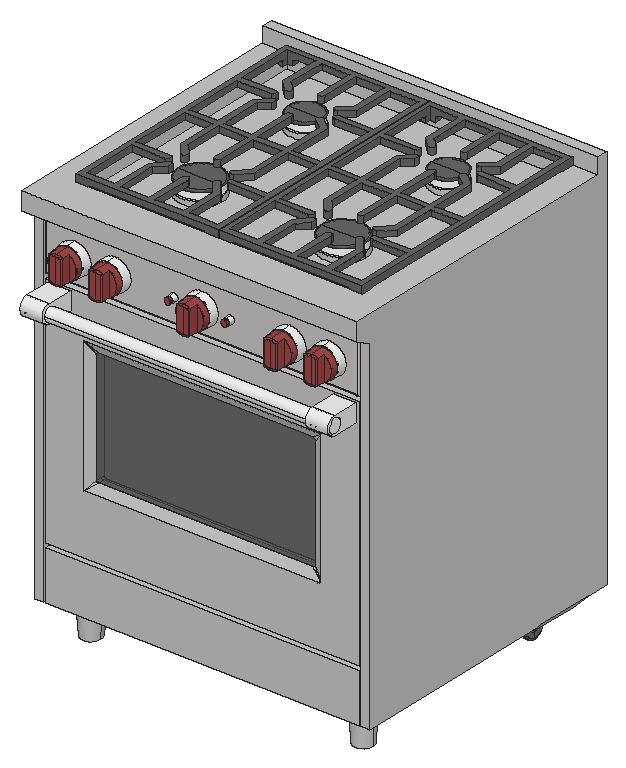
Revit family "M_Extensão-750 mm", category Equipamento especial, Revit 2019
Family settings
  Cota do conector redondo = Utilizar diâmetro
  Tipo de parte = Normal
  Número OmniClass = 23.40.40.14
  Título OmniClass = Food Service Equipment
  Com base no plano de trabalho = Não
  Sempre na vertical = Sim
  Corte com vazios quando carregada = Não
  Compartilhado = Não
  Ponto de cálculo do ambiente = Não
Parameters (values of type "Queimadores")
  Largura = 750 mm
  Deslocamento de parede = 0 mm
  Voltagem = 120 V
  Type Comments = ""
  Acabamento da moldura = Eletrodoméstico – Cromado
  Mostrar legenda = yes
  Consumo de energia = 500 VA
  Legenda = "Faixa"
  Botão = Eletrodoméstico – Plástico – Vermelho
  Altura = 950 mm
  Chapa = Eletrodoméstico – Aço inoxidável – Escovado
  Largura da grelha = (Largura - 108 mm) / 2  # 321 mm
  Profundidade da grelha = Linear - 109.4 mm  # 590.588 mm
  Vidro = Eletrodoméstico – Vidro do forno
  Descrição = "Faixa"
  Linear = 699.988 mm
  Queimador = Eletrodoméstico – Tampa do queimador
  Código de montagem = "E1090320"
  Acabamento do eletrodoméstico = Eletrodoméstico – Aço inoxidável – Semipolido
  Amperagem = Consumo de energia / Voltagem  # 4.16667 A
Reference planes
  plane 1 "Parte posterior": y = 0
  plane 2: z = 0
  plane 3 "Centro (Esquerda/Direita)": x = 0
  plane 4 "Esquerda": x = -375
  plane 5 "Direita": x = 375
  plane 6: y = 0
  plane 7 "Aresta": y = -699.988
  plane 8 "Traseira da porta": y = -615.988
  plane 9 "Superior": z = 950
  plane 10 "Unidade B.O.": z = 80
  plane 11 "Queimador": z = 915
  plane 12: z = 200
  plane 13 "Puxador": z = 706.994
  plane 14 "Botões": z = 794.725
  plane 15 "Face da porta": y = -663.988
  plane 16: y = -633.988
  plane 17: z = 58
  plane 18: z = 28
  plane 19 "Rodas": y = -120
  plane 20: z = 25.4
  plane 21: x = 319.438
  plane 22 "3": x = -322.612
  plane 23: x = 191.028
  plane 24: x = -194.202
  plane 25: x = -375
  plane 26: x = -65.792
  plane 27: x = 62.618
  plane 28: x = -286.1
  plane 29: x = -196.1
  plane 30: x = 286.1
  plane 31: x = 196.1
  plane 32: x = 101.334
  plane 33: z = 883.06
  plane 34: x = -375
  plane 35: x = 0
  plane 36: y = -953.988
  plane 37: x = 10.16
  plane 38: x = 30.48
  plane 39: x = 283.369
  plane 40 "1": x = -108.596
  plane 41: x = 127.413
  plane 42 "2": x = 105.421
  plane 43: x = -406.75
  plane 44: x = 193.675
  plane 45: x = -18.902
  plane 46: x = 15.727
  plane 47: x = 63.5
  plane 48: x = -63.5
Forms (mm)
  Extrusion 1, void
    sketch origin (0, 0, 950) x (-1, 0, 0) y (0, -1, 0)
      loop
        line (322.612, 25.4) -> (322.612, 615.988) -> (-319.438, 615.988) -> (-319.438, 25.4) -> (322.612, 25.4)
    from 0 to -66.94
  Extrusion 2, solid, material "Eletrodoméstico – Aço inoxidável – Semipolido" <- "Acabamento do eletrodoméstico"
    sketch origin (0, 0, 0) x (0, 1, 0) y (0, 0, 1)
      loop
        line (-25.4, 950) -> (-25.4, 915) -> (-699.988, 915) -> (-699.988, 875) -> (-663.988, 855) -> (-663.988, 80) -> (0, 80) -> (0, 950) -> (-25.4, 950)
    from -375 to 375
  Extrusion 3, void
    sketch origin (0, -663.988, 0) x (0, 0, 1) y (-1, 0, 0)
      loop
        line (855, 355) -> (80, 355) -> (80, -355) -> (855, -355) -> (855, 355)
    from -48 to 0
  Extrusion 4, solid, material "Eletrodoméstico – Aço inoxidável – Semipolido" <- "Acabamento do eletrodoméstico"
    sketch origin (0, 0, 0) x (0, 1, 0) y (0, 0, 1)
      loop
        line (-633.988, 190) -> (-663.988, 190) -> (-663.988, 80) -> (-633.988, 80) -> (-633.988, 190)
      loop
        line (-615.988, 855) -> (-663.988, 855) -> (-663.988, 741) -> (-615.988, 741) -> (-615.988, 855)
      loop
        line (-633.988, 731) -> (-663.988, 731) -> (-663.988, 200) -> (-633.988, 200) -> (-633.988, 731)
    from -351.783 to 351.783
  Extrusion 5, void
    sketch origin (0, -663.988, 0) x (0, 0, 1) y (-1, 0, 0)
      loop
        arc (615.994, 240.856) -> (614.599, 244.224) -> (611.231, 245.619) r 4.763
        line (611.231, 245.619) -> (359.762, 245.619)
        arc (359.762, 245.619) -> (356.395, 244.224) -> (355, 240.856) r 4.763
        line (355, 240.856) -> (355, -240.738)
        arc (355, -240.738) -> (356.395, -244.105) -> (359.762, -245.5) r 4.763
        line (359.762, -245.5) -> (611.231, -245.5)
        arc (611.231, -245.5) -> (614.599, -244.105) -> (615.994, -240.738) r 4.763
        line (615.994, -240.738) -> (615.994, 240.856)
    from -48 to -10
  Blend 6, void
    base sketch origin (0, -663.988, 0) x (0, 0, 1) y (-1, 0, 0)
      loop
        line (635.994, 265.463) -> (335, 265.463) -> (335, -265.5) -> (635.994, -265.5) -> (635.994, 265.463)
    top sketch origin (0, -663.988, 0) x (0, 0, 1) y (-1, 0, 0)
      loop
        line (615.994, -240.738) -> (615.994, 240.856)
        arc (615.994, 240.856) -> (614.599, 244.224) -> (611.231, 245.619) r 4.763
        line (611.231, 245.619) -> (359.762, 245.619)
        arc (359.762, 245.619) -> (356.395, 244.224) -> (355, 240.856) r 4.763
        line (355, 240.856) -> (355, -240.738)
        arc (355, -240.738) -> (356.395, -244.105) -> (359.762, -245.5) r 4.763
        line (359.762, -245.5) -> (611.231, -245.5)
        arc (611.231, -245.5) -> (614.599, -244.105) -> (615.994, -240.738) r 4.763
    from 0 to -10
  Extrusion 7, solid, material "Eletrodoméstico – Vidro do forno" <- "Vidro"
    sketch origin (0, -663.988, 0) x (0, 0, 1) y (-1, 0, 0)
      loop
        line (615.994, -240.738) -> (615.994, 240.856)
        arc (615.994, 240.856) -> (614.599, 244.224) -> (611.231, 245.619) r 4.763
        line (611.231, 245.619) -> (359.762, 245.619)
        arc (359.762, 245.619) -> (356.395, 244.224) -> (355, 240.856) r 4.763
        line (355, 240.856) -> (355, -240.738)
        arc (355, -240.738) -> (356.395, -244.105) -> (359.762, -245.5) r 4.763
        line (359.762, -245.5) -> (611.231, -245.5)
        arc (611.231, -245.5) -> (614.599, -244.105) -> (615.994, -240.738) r 4.763
    from -10 to -22.721
  Blend 8, solid, material "Eletrodoméstico – Aço inoxidável – Semipolido" <- "Acabamento do eletrodoméstico"
    base sketch origin (0, 0, 80) x (-1, 0, 0) y (0, -1, 0)
      loop
        line (375, 50) -> (375, 190) -> (234.988, 190) -> (234.988, 50) -> (375, 50)
    top sketch origin (0, 0, 80) x (-1, 0, 0) y (0, -1, 0)
      loop
        line (354.988, 70) -> (354.988, 170) -> (254.988, 170) -> (254.988, 70) -> (354.988, 70)
    from 0 to -22
  Blend 9, solid, material "Eletrodoméstico – Aço inoxidável – Semipolido" <- "Acabamento do eletrodoméstico"
    base sketch origin (0, 0, 80) x (1, 0, 0) y (0, 1, 0)
      loop
        line (375, -50) -> (234.988, -50) -> (234.988, -190) -> (375, -190) -> (375, -50)
    top sketch origin (0, 0, 80) x (1, 0, 0) y (0, 1, 0)
      loop
        line (354.988, -70) -> (254.988, -70) -> (254.988, -170) -> (354.988, -170) -> (354.988, -70)
    from 0 to -22
  Blend 10, solid, material "Eletrodoméstico – Aço inoxidável – Semipolido" <- "Acabamento do eletrodoméstico"
    base sketch origin (0, 0, 80) x (-1, 0, 0) y (0, -1, 0)
      loop
        circle (-304.988, 593.988) r 25
    top sketch origin (0, 0, 80) x (-1, 0, 0) y (0, -1, 0)
      loop
        circle (-305.488, 593.988) r 21.928
    from 0 to -80
  Blend 11, solid, material "Eletrodoméstico – Aço inoxidável – Semipolido" <- "Acabamento do eletrodoméstico"
    base sketch origin (0, 0, 80) x (1, 0, 0) y (0, 1, 0)
      loop
        circle (-304.988, -593.988) r 28.175
    top sketch origin (0, 0, 80) x (1, 0, 0) y (0, 1, 0)
      loop
        circle (-305.488, -593.988) r 21.928
    from 0 to -80
  Extrusion 12, solid, material "Eletrodoméstico – Aço inoxidável – Semipolido" <- "Acabamento do eletrodoméstico"
    sketch origin (0, 0, 0) x (1, 0, 0) y (0, 0, 1)
      loop
        line (-334.988, 58) -> (-314.988, 28) -> (-311.576, 28) -> (-311.576, 58) -> (-334.988, 58)
      loop
        line (-294.988, 28) -> (-274.988, 58) -> (-298.401, 58) -> (-298.401, 28) -> (-294.988, 28)
      loop
        line (334.988, 58) -> (311.576, 58) -> (311.576, 28) -> (314.988, 28) -> (334.988, 58)
      loop
        line (294.988, 28) -> (298.401, 28) -> (298.401, 58) -> (274.988, 58) -> (294.988, 28)
    from 90 to 150
  Revolve 13, solid, material "Eletrodoméstico – Borracha"
    sketch origin (0, -120, 0) x (0, 0, 1) y (-1, 0, 0)
      loop
        line (25.4, 303.163) -> (30.279, 303.163) -> (30.279, 306.338) -> (33.911, 306.338) -> (33.911, 305.545)
        arc (33.911, 305.545) -> (34.608, 303.861) -> (36.292, 303.163) r 2.381
        line (36.292, 303.163) -> (48.419, 303.163)
        arc (48.419, 303.163) -> (50.103, 303.861) -> (50.8, 305.545) r 2.381
        line (50.8, 305.545) -> (50.8, 310.782)
        arc (50.8, 310.782) -> (50.103, 312.466) -> (48.419, 313.163) r 2.381
        line (48.419, 313.163) -> (36.292, 313.163)
        arc (36.292, 313.163) -> (34.608, 312.466) -> (33.911, 310.782) r 2.381
        line (33.911, 310.782) -> (33.911, 309.988) -> (30.279, 309.988) -> (30.279, 313.163) -> (25.4, 313.163) -> (25.4, 303.163)
      loop
        line (25.4, -299.988) -> (25.4, -309.988) -> (30.279, -309.988) -> (30.279, -306.813) -> (33.911, -306.813) -> (33.911, -307.607)
        arc (33.911, -307.607) -> (34.608, -309.291) -> (36.292, -309.988) r 2.381
        line (36.292, -309.988) -> (48.419, -309.988)
        arc (48.419, -309.988) -> (50.103, -309.291) -> (50.8, -307.607) r 2.381
        line (50.8, -307.607) -> (50.8, -302.37)
        arc (50.8, -302.37) -> (50.103, -300.686) -> (48.419, -299.988) r 2.381
        line (48.419, -299.988) -> (36.292, -299.988)
        arc (36.292, -299.988) -> (34.608, -300.686) -> (33.911, -302.37) r 2.381
        line (33.911, -302.37) -> (33.911, -303.163) -> (30.279, -303.163) -> (30.279, -299.988) -> (25.4, -299.988)
      axis (25.4, 313.163) -> (25.4, -309.988)
    angle from 0 to 360
  Sweep 14, void
    path in 3D
      loop
        line (-351.783, -663.988, 855) -> (-351.783, -663.988, 741) -> (351.783, -663.988, 741) -> (351.783, -663.988, 855) -> (-351.783, -663.988, 855)
    profile "M_Redondo : 3mm" origin (0, -663.988, 855) x (0, -1, 0) y (0, 0, 1)
      loop
        line (0, 0) -> (-3, 0)
        arc (-3, 0) -> (-0.879, -0.879) -> (0, -3) r 3
        line (0, -3) -> (0, 0)
Cuts and joins
  Extrusion 1, Extrusion 3, Sweep 14 cuts Extrusion 2
  Extrusion 5, Blend 6, Sweep 14 cuts Extrusion 4
Lines and regions (mm)
  Split face 1
    outline origin (375, 0, 80) x (-1, 0, 0) y (0, 0, 1)
      loop
        circle (144.729, 120) r 12.7
  Split face 2
    outline origin (375, 0, 80) x (-1, 0, 0) y (0, 0, 1)
      loop
        circle (233.045, 120) r 12.7
  sketch lines
    curve 1: line (351.783, -663.988, 855) -> (-351.783, -663.988, 855)
    curve 2: line (351.783, -663.988, 855) -> (351.783, -663.988, 741)
    curve 3: line (351.783, -663.988, 741) -> (-351.783, -663.988, 741)
    curve 4: line (-351.783, -663.988, 741) -> (-351.783, -663.988, 855)
Dimensions and locks
  equal spacing: plane 4 "Esquerda", plane 3 "Centro (Esquerda/Direita)", plane 5 "Direita"
  "Largura": plane 4 "Esquerda" to plane 5 "Direita"
  "Linear": plane 6 to plane 7 "Aresta"
  "Deslocamento de parede": plane 1 "Parte posterior" to plane 6
  "Altura": plane 9 "Superior" to level
  locked: plane 10 "Unidade B.O." to level at 80
  locked: plane 8 "Traseira da porta" to plane 7 "Aresta" at 84
  locked: plane 9 "Superior" to plane 11 "Queimador" at 35
  plane 13 "Puxador" to level = 706.994 mm
  locked: plane 11 "Queimador" to plane 14 "Botões" at 120.275
  locked: plane 6 to Extrusion 2 sketch curve at 25.4
  plane 6 to Extrusion 1 sketch curve = 25.4 mm
  locked: Extrusion 3 sketch curve to plane 14 "Botões" at 60.275
  locked: plane 12 to plane 10 "Unidade B.O." at 120
  locked: plane 12 to Extrusion 4 sketch curve at 10
  locked: plane 16 to plane 15 "Face da porta" at 30
  locked: Extrusion 5 sketch curve to plane 25 at 129.381
  locked: plane 5 "Direita" to Extrusion 5 sketch curve at 129.5
  locked: Extrusion 5 sketch curve to plane 12 at 155
  locked: plane 13 "Puxador" to Extrusion 5 sketch curve at 91
  locked: cut or joined group of Extrusion 4, Extrusion 5, Blend 6, Sweep 14 to plane 15 "Face da porta" at 10
  locked: plane 5 "Direita" to Blend 6 sketch curve at 109.5
  locked: plane 13 "Puxador" to Blend 6 sketch curve at 71
  locked: Blend 6 sketch curve to plane 12 at 135
  locked: cut or joined group of Extrusion 4, Extrusion 5, Blend 6, Sweep 14 to plane 4 "Esquerda" at 23.217
  locked: plane 5 "Direita" to cut or joined group of Extrusion 4, Extrusion 5, Blend 6, Sweep 14 at 23.217
  locked: plane 7 "Aresta" to plane 15 "Face da porta" at 36
  locked: plane 4 "Esquerda" to Blend 8 sketch curve at 140.012
  plane 6 to Blend 8 sketch curve to Blend 8 sketch curve = 50 mm locked, 140 mm locked
  plane 4 "Esquerda" to Blend 8 sketch curve to Blend 8 sketch curve = 20.012 mm locked, 100 mm locked
  plane 6 to Blend 8 sketch curve to Blend 8 sketch curve = 70 mm locked, 100 mm locked
  locked: plane 10 "Unidade B.O." to Blend 8 at 22
  plane 5 "Direita" to Blend 9 sketch curve to Blend 9 sketch curve = 20.012 mm locked, 100 mm locked
  plane 6 to Blend 9 sketch curve to Blend 9 sketch curve = 70 mm locked, 100 mm locked
  locked: Blend 9 sketch curve to plane 5 "Direita" at 140.012
  plane 6 to Blend 9 sketch curve to Blend 9 sketch curve = 50 mm locked, 140 mm locked
  locked: plane 10 "Unidade B.O." to Blend 9 at 22
  locked: plane 4 "Esquerda" to Blend 11 sketch curve at 69.512
  locked: plane 15 "Face da porta" to Blend 11 sketch curve at 70  (x2)
  locked: plane 4 "Esquerda" to Blend 11 sketch curve at 70.012
  locked: Blend 10 sketch curve to plane 5 "Direita" at 69.512
  locked: plane 15 "Face da porta" to Blend 10 sketch curve at 70  (x2)
  locked: Blend 10 sketch curve to plane 5 "Direita" at 70.012
  plane 10 "Unidade B.O." to plane 17 to plane 18 = 22 mm locked, 30 mm locked
  Extrusion 12 sketch curve to Extrusion 12 sketch curve to Extrusion 12 sketch curve to Extrusion 12 sketch curve to Extrusion 12 sketch curve to Extrusion 12 sketch curve to plane 4 "Esquerda" = 20 mm locked, 3.413 mm locked, 13.175 mm locked, 3.412 mm locked, 20 mm locked, 40.012 mm locked
  plane 5 "Direita" to Extrusion 12 sketch curve to Extrusion 12 sketch curve to Extrusion 12 sketch curve to Extrusion 12 sketch curve to Extrusion 12 sketch curve to Extrusion 12 sketch curve = 40.012 mm locked, 20 mm locked, 3.412 mm locked, 13.175 mm locked, 3.413 mm locked, 20 mm locked
  plane 6 to Extrusion 12 to Extrusion 12 = 90 mm locked, 60 mm locked
  plane 6 to plane 19 "Rodas" = 120 mm
  locked: plane 20 to level at 25.4
  locked: plane 21 to plane 5 "Direita" at 55.562
  plane 4 "Esquerda" to plane 22 "3" = 52.388 mm
  "Largura": plane 5 "Direita" to plane 25
  Blend 6 sketch curve to plane 25 = 129.381 mm
  plane 5 "Direita" to Blend 6 sketch curve = 129.5 mm
  Blend 6 sketch curve to plane 25 = 109.537 mm
  locked: Extrusion 7 sketch curve to plane 25 at 129.381
  equal spacing: plane 22 "3", plane 24, plane 26, plane 27, plane 23, plane 21
  plane 29 to plane 28 to plane 4 "Esquerda" = 90 mm locked, 88.9 mm locked
  plane 5 "Direita" to plane 30 to plane 31 = 88.9 mm locked, 90 mm locked
  locked: plane 23 to plane 32 at 89.694
  locked: plane 9 "Superior" to plane 33 at 66.94
  Extrusion 4 sketch curve to plane 14 "Botões" to Extrusion 4 sketch curve = 53.725 mm locked, 60.275 mm locked
  locked: plane 13 "Puxador" to Extrusion 4 sketch curve at 24.006
  locked: plane 14 "Botões" to plane 13 "Puxador" at 87.731
  equal spacing: plane 4 "Esquerda", plane 34, plane 25
  equal spacing: plane 25, plane 35, plane 5 "Direita"
  locked: plane 7 "Aresta" to plane 36 at 254
  plane 22 "3" to plane 40 "1" to plane 41 to plane 21 = 214.017 mm, 236.008 mm, 192.025 mm  (x2)
  plane 28 to plane 29 = 90 mm
  locked: plane 25 to plane 43 at 31.75
  plane 39 to plane 44 = 89.694 mm
  locked: plane 45 to plane 40 "1" at 89.694
  locked: plane 42 "2" to plane 46 at 89.694
  equal spacing: plane 22 "3", plane 40 "1", plane 42 "2", plane 21
  locked: plane 34 to plane 22 "3" at 52.388
  locked: plane 3 "Centro (Esquerda/Direita)" to plane 48 at 63.5
  locked: plane 47 to plane 3 "Centro (Esquerda/Direita)" at 63.5
  aligned and locked: plane 2 to level
  aligned and locked: plane 9 "Superior" to Extrusion 2 sketch curve
  aligned and locked: plane 5 "Direita" to Extrusion 2
  aligned and locked: Extrusion 2 to plane 4 "Esquerda"
  aligned and locked: Extrusion 2 sketch curve to plane 10 "Unidade B.O."
  aligned and locked: Extrusion 2 sketch curve to plane 15 "Face da porta"
  aligned and locked: plane 7 "Aresta" to Extrusion 2 sketch curve
  aligned and locked: plane 11 "Queimador" to Extrusion 2 sketch curve
  aligned and locked: Extrusion 2 sketch curve to plane 6
  aligned and locked: Extrusion 3 sketch curve to plane 10 "Unidade B.O."
  aligned and locked: plane 8 "Traseira da porta" to Extrusion 3
  aligned and locked: plane 15 "Face da porta" to Extrusion 3
  aligned and locked: Extrusion 4 sketch curve to plane 15 "Face da porta"  (x3)
  aligned and locked: plane 10 "Unidade B.O." to Extrusion 4 sketch curve
  aligned and locked: Extrusion 4 sketch curve to plane 8 "Traseira da porta"
  aligned and locked: plane 12 to Extrusion 4 sketch curve
  aligned and locked: Extrusion 4 sketch curve to plane 16  (x2)
  aligned and locked: plane 15 "Face da porta" to nested 2
  aligned and locked: plane 8 "Traseira da porta" to Extrusion 5
  aligned and locked: plane 4 "Esquerda" to Blend 8 sketch curve
  aligned and locked: plane 5 "Direita" to Blend 9 sketch curve
  aligned and locked: Blend 10 to level
  aligned and locked: plane 10 "Unidade B.O." to Blend 10
  aligned and locked: plane 10 "Unidade B.O." to Blend 9
  aligned and locked: plane 10 "Unidade B.O." to Blend 8
  aligned and locked: plane 17 to Extrusion 12 sketch curve  (x2)
  aligned and locked: Extrusion 12 sketch curve to plane 18  (x2)
  aligned and locked: Extrusion 12 sketch curve to plane 17  (x2)
  aligned and locked: plane 18 to Extrusion 12 sketch curve  (x2)
  aligned and locked: plane 20 to Revolve 13 sketch curve  (x2)
  aligned and locked: Revolve 13 sketch curve to plane 20
  aligned and locked: plane 15 "Face da porta" to nested 3
  aligned and locked: plane 15 "Face da porta" to nested 4
  aligned and locked: plane 15 "Face da porta" to nested 5
  aligned and locked: nested 3 to plane 14 "Botões"
  aligned and locked: nested 4 to plane 14 "Botões"
  aligned and locked: nested 5 to plane 14 "Botões"
  aligned and locked: plane 15 "Face da porta" to nested 6
  aligned and locked: nested 6 to plane 14 "Botões"
  aligned and locked: plane 22 "3" to Extrusion 1 sketch curve
  aligned and locked: Extrusion 1 sketch curve to plane 21
  aligned and locked: nested 7 to plane 8 "Traseira da porta"
  aligned and locked: nested 8 to plane 14 "Botões"
  aligned and locked: plane 15 "Face da porta" to nested 8
  aligned and locked: plane 28 to nested 6
  aligned and locked: plane 29 to nested 5
  aligned and locked: plane 30 to nested 8
  aligned and locked: plane 31 to nested 3
  aligned and locked: plane 33 to nested 7
  aligned and locked: nested 2 to plane 13 "Puxador"
  aligned and locked: nested 1 to plane 36
  aligned and locked: nested 9 to plane 14 "Botões"
  aligned and locked: nested 10 to plane 14 "Botões"
  aligned and locked: plane 15 "Face da porta" to nested 9
  aligned and locked: plane 15 "Face da porta" to nested 10
  aligned and locked: nested 7 to plane 22 "3"
  aligned and locked: plane 8 "Traseira da porta" to nested 11
  aligned and locked: plane 33 to nested 11
  aligned and locked: plane 3 "Centro (Esquerda/Direita)" to nested 2
  aligned and locked: plane 47 to nested 9
  aligned and locked: plane 48 to nested 10
  aligned and locked: nested 11 to plane 21
  aligned and locked: plane 3 "Centro (Esquerda/Direita)" to nested 4
  aligned and locked: plane 3 "Centro (Esquerda/Direita)" to nested 1
Automatic sketch dimensions
  Extrusion 1 sketch curve to plane 8 "Traseira da porta" = 0 mm
  Extrusion 2 sketch curve to plane 11 "Queimador" = 60 mm
  Extrusion 2 sketch curve to Extrusion 2 sketch curve = 40 mm
  Extrusion 3 sketch curve to plane 5 "Direita" = 20 mm
  plane 4 "Esquerda" to Extrusion 3 sketch curve = 20 mm
  Extrusion 5 sketch curve to Extrusion 5 sketch curve = 4.763 mm  (x4)
  plane 12 to Blend 6 sketch curve = 155 mm
  Blend 6 sketch curve to Blend 6 sketch curve = 4.763 mm
  Blend 6 sketch curve to Blend 6 sketch curve = 4.762 mm  (x2)
  plane 13 "Puxador" to Blend 6 sketch curve = 95.763 mm  (x2)
  Blend 6 sketch curve to plane 21 = 78.7 mm
  plane 12 to Extrusion 7 sketch curve = 155 mm
  Extrusion 7 sketch curve to Extrusion 7 sketch curve = 4.763 mm  (x2)
  plane 13 "Puxador" to Extrusion 7 sketch curve = 95.763 mm  (x2)
  Extrusion 7 sketch curve to Extrusion 7 sketch curve = 4.762 mm
  Extrusion 7 sketch curve to plane 21 = 78.7 mm
  plane 21 to Blend 10 sketch curve = 10.551 mm
  plane 22 "3" to Blend 11 sketch curve = 10.551 mm
  Revolve 13 sketch curve to Revolve 13 sketch curve = 4.879 mm  (x3)
  plane 20 to Revolve 13 sketch curve = 4.879 mm
  Revolve 13 sketch curve to Revolve 13 sketch curve = 3.632 mm  (x4)
  Revolve 13 sketch curve to Revolve 13 sketch curve = 2.381 mm  (x6)
  Revolve 13 sketch curve to Revolve 13 sketch curve = 12.127 mm  (x2)
  Revolve 13 sketch curve to Revolve 13 sketch curve = 0 mm  (x4)
  Revolve 13 sketch curve to plane 21 = 9.449 mm
  Revolve 13 sketch curve to Revolve 13 sketch curve = 3.175 mm  (x4)
  Revolve 13 sketch curve to Revolve 13 sketch curve = 3.65 mm  (x2)
  Revolve 13 sketch curve to Revolve 13 sketch curve = 5.238 mm
  plane 22 "3" to Revolve 13 sketch curve = 19.449 mm
  Revolve 13 sketch curve to Revolve 13 sketch curve = 0.794 mm
  Revolve 13 sketch curve to Revolve 13 sketch curve = 40.592 mm
  Revolve 13 sketch curve to plane 22 "3" = 15.153 mm
  Split face 1 sketch curve to cut or joined group of Extrusion 1, Extrusion 2, Extrusion 3, Sweep 14 = 144.729 mm
  Split face 1 sketch curve to cut or joined group of Extrusion 1, Extrusion 2, Extrusion 3, Sweep 14 = 120 mm
  Split face 2 sketch curve to cut or joined group of Extrusion 1, Extrusion 2, Extrusion 3, Sweep 14 = 233.045 mm
  Split face 2 sketch curve to cut or joined group of Extrusion 1, Extrusion 2, Extrusion 3, Sweep 14 = 120 mm
  radius of Blend 10 sketch curve = 21.928 mm
  radius of Blend 11 sketch curve = 21.928 mm
  radius of Split face 1 sketch curve = 12.7 mm
  radius of Split face 2 sketch curve = 12.7 mm
Nested families
  nested 1: "Anotação de legenda de 2,5" at (0, -953.988, 0), visible <- "Mostrar legenda", type "Anotação de legenda de 2,5"
  nested 2: "M_Puxador" at (0, -663.988, 706.994), Largura da unidade <- "Largura", Concluir <- "Acabamento da moldura", type "M_Puxador", detail levels medium+fine
    with Largura da unidade 750 mm, Concluir Eletrodoméstico – Cromado
  nested 3: "M_Botão 1" at (196.1, -663.988, 794.725), type "M_Botão 1", detail levels medium+fine
  nested 4: "M_Botão 1" at (0, -663.988, 794.725), type "M_Botão 1", detail levels medium+fine
  nested 5: "M_Botão 1" at (-196.1, -663.988, 794.725), type "M_Botão 1", detail levels medium+fine
  nested 6: "M_Botão 1" at (-286.1, -663.988, 794.725), type "M_Botão 1", detail levels medium+fine
  nested 7: "M_Superfície do fogão" at (-161.944, -320.694, 883.06), type "M_Queimadores"
    with Largura da grelha 321 mm, Profundidade da grelha 590.588 mm
  nested 8: "M_Botão 1" at (286.1, -663.988, 794.725), type "M_Botão 1", detail levels medium+fine
  nested 9: "M_Botão 2" at (63.5, -663.988, 794.725), type "M_Botão 2", detail levels medium+fine
  nested 10: "M_Botão 2" at (-63.5, -663.988, 794.725), type "M_Botão 2", detail levels medium+fine
  nested 11: "M_Superfície do fogão" at (159.106, -320.694, 883.06), type "M_Queimadores"
    with Largura da grelha 321 mm, Profundidade da grelha 590.588 mm
Connectors
  electrical at (230.271, 0, 200), driven by "Voltagem", driven by "Consumo de energia"
    settings: on cut or joined group of Extrusion 1, Extrusion 2, Extrusion 3, Sweep 14, index 1, voltage 120 V, apparent load 500 VA, apparent load phase1 0 VA, apparent load phase2 0 VA, apparent load phase3 0 VA, power factor 1, load classification "Eletrodoméstico", number of poles 1, system type 30, power factor state 1, is connector primary yes, connector utility no, sub classification motor no, connector description "Fogão elétrico"
  piping at (141.955, 0, 200), diameter 12.7
    settings: on cut or joined group of Extrusion 1, Extrusion 2, Extrusion 3, Sweep 14, index 2, connector inside diameter 609.6 mm, connector length 0 mm, flow factor 0, pipe flow 0.0 L/s, pressure drop 0.0 Pa, fitting loss kfactor 0, connector angle 0.00°, fixture units 0, engagement length 0 mm, angle of deflection 0.00°, flow configuration 1, flow direction 1, fitting loss method 0, system type 22, joint type 0, gender type 0, connector reference index -1, connector utility 0, adjustable connector no, is connector primary yes, connector description "Fogão a gás"
Definition of nested family "M_Puxador"
  Parameters (values of type "Puxador")
    Largura da unidade [instance] = 900 mm
    Projeção do puxador = 60 mm
    Deslocamento do puxador B = 30 mm
    Deslocamento do puxador A = 30 mm
    Concluir [instance] = none
  Reference planes
    plane 1 "Centro (Frente/Trás)": y = 0
    plane 2: z = 0
    plane 3 "Centro (Esquerda/Direita)": x = 0
    plane 4 "Superfície A": x = -450
    plane 5 "Superfície B": x = 450
    plane 6 "Puxador A": x = -420
    plane 7 "Puxador B": x = 420
    plane 8: y = -60
    plane 9: x = -369.994
    plane 10: x = 369.994
    plane 11: y = -44.125
  Forms (mm)
    Extrusion 1, solid, material <- "Concluir", detail levels medium+fine
      sketch origin (-420, 0, 0) x (0, 0, 1) y (0, -1, 0)
        loop
          line (20, 0) -> (20, 60)
          arc (20, 60) -> (0, 80) -> (-20, 60) r 20
          line (-20, 60) -> (-20, 0) -> (20, 0)
        loop
          circle (0, 60) r 15.024
      from 0 to 50.006
    Extrusion 2, solid, material <- "Concluir", detail levels medium+fine
      sketch origin (420, 0, 0) x (0, 0, 1) y (0, -1, 0)
        loop
          line (-20, 0) -> (20, 0) -> (20, 60)
          arc (20, 60) -> (0, 80) -> (-20, 60) r 20
          line (-20, 60) -> (-20, 0)
        loop
          circle (0, 60) r 15.024
      from 0 to -50.006
    Extrusion 3, solid, material <- "Concluir", detail levels medium+fine
      sketch origin (0, 0, 0) x (0, 1, 0) y (0, 0, 1)
        loop
          circle (-60, 0) r 15.024
      from -420 to 420
  Cuts and joins
    joined: Extrusion 1, Extrusion 2
  Dimensions and locks
    "Largura da unidade": plane 5 "Superfície B" to plane 4 "Superfície A"
    equal spacing: plane 5 "Superfície B", plane 3 "Centro (Esquerda/Direita)", plane 4 "Superfície A"
    "Deslocamento do puxador A": plane 6 "Puxador A" to plane 4 "Superfície A"
    "Deslocamento do puxador B": plane 5 "Superfície B" to plane 7 "Puxador B"
    "Projeção do puxador": plane 1 "Centro (Frente/Trás)" to plane 8
    plane 6 "Puxador A" to plane 9 = 50.006 mm
    plane 10 to plane 7 "Puxador B" = 50.006 mm
    plane 8 to plane 11 = 15.875 mm
    aligned and locked: level to plane 2
    aligned and locked: Extrusion 1 sketch curve to plane 1 "Centro (Frente/Trás)"
    aligned and locked: Extrusion 2 sketch curve to plane 1 "Centro (Frente/Trás)"
    aligned and locked: cut or joined group of Extrusion 1, Extrusion 2 to plane 1 "Centro (Frente/Trás)"
    aligned and locked: plane 8 to Extrusion 2 sketch curve
    aligned and locked: plane 8 to Extrusion 1 sketch curve
    aligned and locked: level to Extrusion 3 sketch curve
    aligned and locked: plane 8 to Extrusion 3 sketch curve
    aligned and locked: plane 7 "Puxador B" to Extrusion 3
    aligned and locked: Extrusion 3 to plane 6 "Puxador A"
    aligned and locked: Extrusion 2 sketch curve to Extrusion 3  (x2)
    aligned and locked: Extrusion 1 sketch curve to Extrusion 3  (x2)
    aligned and locked: plane 9 to cut or joined group of Extrusion 1, Extrusion 2
    aligned and locked: cut or joined group of Extrusion 1, Extrusion 2 to plane 10
  Automatic sketch dimensions
    Extrusion 1 sketch curve to level = 20 mm
    level to Extrusion 1 sketch curve = 0 mm
    Extrusion 2 sketch curve to Extrusion 2 sketch curve = 20 mm
    Extrusion 2 sketch curve to level = 20 mm
    radius of Extrusion 3 sketch curve = 15.024 mm
Definition of nested family "M_Botão 1"
  Parameters (values of type "Botão 1")
    Material = none
    Material da moldura = none
  Reference planes
    plane 1 "Centro (Frente/Trás)": y = 0
    plane 2: z = 0
    plane 3 "Centro (Esquerda/Direita)": x = 0
    plane 4: y = -35
    plane 5: y = -55
  Forms (mm)
    Revolve 1, solid, material <- "Material"
      sketch origin (0, 0, 0) x (0, 1, 0) y (0, 0, 1)
        loop
          line (0, 35) -> (-20, 33) -> (-20, 32) -> (-52.687, 31.066)
          arc (-52.687, 31.066) -> (-54.326, 30.345) -> (-55, 28.686) r 2.381
          line (-55, 28.686) -> (-55, 0) -> (0, 0) -> (0, 35)
        axis (0, 0) -> (-55, 0)
      angle from 0 to 360
    Extrusion 2, void
      sketch origin (0, 0, 0) x (1, 0, 0) y (0, 1, 0)
        loop
          line (31.571, -35) -> (15, -35) -> (15, -52.619)
          arc (15, -52.619) -> (14.303, -54.303) -> (12.619, -55) r 2.381
          line (12.619, -55) -> (31.571, -55) -> (31.571, -35)
        loop
          line (-31.571, -35) -> (-31.571, -55) -> (-12.619, -55)
          arc (-12.619, -55) -> (-14.303, -54.303) -> (-15, -52.619) r 2.381
          line (-15, -52.619) -> (-15, -35) -> (-31.571, -35)
      from -34.753 to 36.709
  Cuts and joins
    Extrusion 2 cuts Revolve 1
  Dimensions and locks
    plane 5 to plane 4 to plane 1 "Centro (Frente/Trás)" = 20 mm locked, 35 mm locked
    aligned and locked: plane 2 to level
    aligned and locked: Revolve 1 sketch curve to level
    aligned and locked: plane 4 to Extrusion 2 sketch curve
    aligned and locked: Extrusion 2 sketch curve to plane 5
Definition of nested family "M_Superfície do fogão"
  Parameters (values of type "Queimadores")
    Mostrar grelha = yes
    Mostrar base = no
    Tem grelhador = no
    Tem chapa = no
    Extensão direita da chapa = 3 mm
    Extensão esquerda da chapa = 3 mm
    Chapa = none
    Largura da grelha = 320 mm
    Espessura da grelha = 12.5 mm
    Profundidade da grelha = 590 mm
    Grelha = none
    Queimador = none
    Tem queimadores = yes
    Mostrar queimadores = yes
  Reference planes
    plane 1 "Centro (Frente/Trás)": y = 0
    plane 2 "Inferior": z = 0
    plane 3 "Centro (Esquerda/Direita)": x = -0.169
    plane 4 "Queimador T.O.": z = 34.091
    plane 5 "Queimador posterior": y = 147.5
    plane 6 "Queimador frontal": y = -147.5
    plane 7: z = 61.94
    plane 8 "Grelha B.O.": z = 0
    plane 9 "Painel T.O.": z = 19.5
    plane 10 "Parte posterior": y = 295
    plane 11 "Parte frontal": y = -295
    plane 12 "Esquerda": x = -160.169
    plane 13 "Direita": x = 159.831
    plane 14 "Parte inferior da superfície": z = 47.709
    plane 15: x = -83.344
    plane 16: x = 70.306
    plane 17: x = 147.131
    plane 18: x = -147.469
    plane 19: y = 280.712
    plane 20: y = 153.85
    plane 21: y = 6.35
    plane 22: y = -6.35
    plane 23: y = -280.712
    plane 24: x = -70.644
    plane 25: x = 83.006
    plane 26: x = -6.916
    plane 27: x = 6.181
    plane 28: y = 141.15
    plane 29: y = -141.15
    plane 30: y = -153.85
    plane 31: x = -157.169
    plane 32: x = 156.831
  Forms (mm)
    Extrusion 1, void
      sketch origin (433.841, 349.972, -848.839) x (1, 0, 0) y (0, 0, 1)
        loop
          arc (-299.41, 876.58) -> (-301.27, 881.07) -> (-305.76, 882.93) r 6.35
          line (-305.76, 882.93) -> (-562.26, 882.93)
          arc (-562.26, 882.93) -> (-566.75, 881.07) -> (-568.61, 876.58) r 6.35
          line (-568.61, 876.58) -> (-568.61, 868.339) -> (-299.41, 868.339) -> (-299.41, 876.58)
      from 54.697 to 694.851
    Extrusion 2, void
      sketch origin (433.841, 349.972, -848.839) x (0, 1, 0) y (0, 0, 1)
        loop
          arc (-80.372, 876.58) -> (-82.232, 881.07) -> (-86.722, 882.93) r 6.35
          line (-86.722, 882.93) -> (-613.222, 882.93)
          arc (-613.222, 882.93) -> (-617.712, 881.07) -> (-619.572, 876.58) r 6.35
          line (-619.572, 876.58) -> (-619.572, 868.339) -> (-80.372, 868.339) -> (-80.372, 876.58)
      from -594.01 to -274.01
    Revolve 3, solid, material <- "Queimador", visible <- "Mostrar queimadores"
      sketch origin (1.587, 147.5, -848.839) x (1, 0, 0) y (0, 0, 1)
        loop
          line (-1.756, 848.839) -> (-1.756, 882.247) -> (-39.029, 882.247)
          arc (-39.029, 882.247) -> (-40.942, 880.334) -> (-39.029, 878.422) r 1.913
          line (-39.029, 878.422) -> (-36.225, 878.422) -> (-38.898, 862.695) -> (-40.825, 860.127) -> (-40.825, 848.839) -> (-1.756, 848.839)
        axis (-1.756, 882.247) -> (-1.756, 848.839)
      angle from 0 to 360
    Revolve 4, solid, material <- "Queimador", visible <- "Mostrar queimadores"
      sketch origin (0, -147.5, -848.839) x (1, 0, 0) y (0, 0, 1)
        loop
          line (-0.169, 848.839) -> (-0.169, 882.247) -> (-48.158, 882.247)
          arc (-48.158, 882.247) -> (-50.07, 880.334) -> (-48.158, 878.422) r 1.913
          line (-48.158, 878.422) -> (-45.353, 878.422) -> (-48.026, 862.695) -> (-49.953, 860.127) -> (-49.953, 848.839) -> (-0.169, 848.839)
        axis (-0.169, 882.247) -> (-0.169, 848.839)
      angle from 0 to 360
    Extrusion 5, solid, material <- "Grelha", visible <- "Mostrar base", detail levels medium+fine
      sketch origin (0, 0, 19.5) x (-1, 0, 0) y (0, -1, 0)
        loop
          line (160.169, -295) -> (160.169, 295) -> (-159.831, 295) -> (-159.831, -295) -> (160.169, -295)
        loop
          line (139.335, -274.166) -> (139.335, 274.166) -> (-139.194, 274.166) -> (-139.194, -274.166) -> (139.335, -274.166)
      from 0 to 28.209
    Extrusion 6, solid, material <- "Grelha", visible <- "Tem grelhador"
      sketch origin (0, 0, 0) x (1, 0, 0) y (0, 0, 1)
        loop
          line (-160.169, 47.709) -> (-149.329, 47.709) -> (-149.329, 57.45) -> (-153.819, 61.94) -> (-160.169, 61.94) -> (-160.169, 47.709)
        loop
          line (4.678, 47.709) -> (4.678, 61.94) -> (-5.016, 61.94) -> (-5.016, 47.709) -> (4.678, 47.709)
        loop
          line (-14.709, 47.709) -> (-14.709, 61.94) -> (-24.402, 61.94) -> (-24.402, 47.709) -> (-14.709, 47.709)
        loop
          line (-34.096, 47.709) -> (-34.096, 61.94) -> (-43.789, 61.94) -> (-43.789, 47.709) -> (-34.096, 47.709)
        loop
          line (-53.482, 47.709) -> (-53.482, 61.94) -> (-63.176, 61.94) -> (-63.176, 47.709) -> (-53.482, 47.709)
        loop
          line (-72.869, 47.709) -> (-72.869, 61.94) -> (-82.562, 61.94) -> (-82.562, 47.709) -> (-72.869, 47.709)
        loop
          line (-92.256, 47.709) -> (-92.256, 61.94) -> (-101.949, 61.94) -> (-101.949, 47.709) -> (-92.256, 47.709)
        loop
          line (-111.642, 47.709) -> (-111.642, 61.94) -> (-121.335, 61.94) -> (-121.335, 47.709) -> (-111.642, 47.709)
        loop
          line (-131.029, 47.709) -> (-131.029, 61.94) -> (-140.722, 61.94) -> (-140.722, 47.709) -> (-131.029, 47.709)
        loop
          line (159.831, 47.709) -> (159.831, 61.94) -> (153.481, 61.94) -> (148.991, 57.45) -> (148.991, 47.709) -> (159.831, 47.709)
        loop
          line (14.371, 47.709) -> (24.064, 47.709) -> (24.064, 61.94) -> (14.371, 61.94) -> (14.371, 47.709)
        loop
          line (33.758, 47.709) -> (43.451, 47.709) -> (43.451, 61.94) -> (33.758, 61.94) -> (33.758, 47.709)
        loop
          line (53.144, 47.709) -> (62.838, 47.709) -> (62.838, 61.94) -> (53.144, 61.94) -> (53.144, 47.709)
        loop
          line (72.531, 47.709) -> (82.224, 47.709) -> (82.224, 61.94) -> (72.531, 61.94) -> (72.531, 47.709)
        loop
          line (91.918, 47.709) -> (101.611, 47.709) -> (101.611, 61.94) -> (91.918, 61.94) -> (91.918, 47.709)
        loop
          line (111.304, 47.709) -> (120.997, 47.709) -> (120.997, 61.94) -> (111.304, 61.94) -> (111.304, 47.709)
        loop
          line (130.691, 47.709) -> (140.384, 47.709) -> (140.384, 61.94) -> (130.691, 61.94) -> (130.691, 47.709)
      from -295 to 295
    Extrusion 7, solid, material <- "Chapa", visible <- "Tem chapa"
      sketch origin (0, 0, 19.5) x (-1, 0, 0) y (0, -1, 0)
        loop
          line (160.169, -295) -> (160.169, 295) -> (-159.831, 295) -> (-159.831, -295) -> (160.169, -295)
      from 0 to 42.44
    Extrusion 8, void
      sketch origin (-0.169, 0, 0) x (0, 1, 0) y (0, 0, 1)
        loop
          line (291.825, 61.94) -> (-291.825, 61.94) -> (-291.825, 34.091) -> (-247.375, 34.091) -> (-247.375, 47.709) -> (291.825, 47.709) -> (291.825, 61.94)
      from -157 to 157
    Extrusion 9, solid, material <- "Grelha", visible <- "Mostrar grelha", detail levels fine
      sketch origin (0, 0, 19.5) x (-1, 0, 0) y (0, -1, 0)
        loop
          line (160.169, -295) -> (160.169, 295) -> (-159.831, 295) -> (-159.831, -295) -> (160.169, -295)
        loop
          line (147.469, -280.712) -> (147.469, -153.85) -> (70.644, -153.85)
          arc (70.644, -153.85) -> (64.294, -147.5) -> (70.644, -141.15) r 6.35
          line (70.644, -141.15) -> (147.469, -141.15) -> (147.469, -6.35) -> (83.344, -6.35) -> (83.344, -106.029) -> (61.166, -127.936)
          arc (61.166, -127.936) -> (51.063, -127.936) -> (51.063, -117.833) r 7.144
          line (51.063, -117.833) -> (70.644, -100.11) -> (70.644, -6.35) -> (6.916, -6.35) -> (6.916, -100.995)
          arc (6.916, -100.995) -> (0.367, -107.544) -> (-6.181, -100.995) r 6.548
          line (-6.181, -100.995) -> (-6.181, -6.35) -> (-70.306, -6.35) -> (-70.306, -100.11) -> (-47.55, -117.833)
          arc (-47.55, -117.833) -> (-47.55, -127.936) -> (-57.653, -127.936) r 7.144
          line (-57.653, -127.936) -> (-83.006, -106.029) -> (-83.006, -6.35) -> (-147.327, -6.35) -> (-147.327, -141.15) -> (-70.306, -141.15)
          arc (-70.306, -141.15) -> (-63.956, -147.5) -> (-70.306, -153.85) r 6.35
          line (-70.306, -153.85) -> (-147.327, -153.85) -> (-147.327, -280.712) -> (-83.006, -280.712) -> (-83.006, -188.971) -> (-57.653, -167.064)
          arc (-57.653, -167.064) -> (-47.55, -167.064) -> (-47.55, -177.167) r 7.144
          line (-47.55, -177.167) -> (-70.306, -194.89) -> (-70.306, -280.712) -> (-6.181, -280.712) -> (-6.181, -194.005)
          arc (-6.181, -194.005) -> (0.367, -187.456) -> (6.916, -194.005) r 6.548
          line (6.916, -194.005) -> (6.916, -280.712) -> (70.644, -280.712) -> (70.644, -194.89) -> (51.063, -177.167)
          arc (51.063, -177.167) -> (51.063, -167.064) -> (61.166, -167.064) r 7.144
          line (61.166, -167.064) -> (83.344, -188.971) -> (83.344, -280.712) -> (147.469, -280.712)
        loop
          line (147.469, 280.909) -> (83.344, 280.909) -> (83.344, 187.698) -> (61.166, 160.757)
          arc (61.166, 160.757) -> (51.063, 160.757) -> (51.063, 170.86) r 7.144
          line (51.063, 170.86) -> (70.644, 193.616) -> (70.644, 280.909) -> (6.916, 280.909) -> (6.916, 187.698)
          arc (6.916, 187.698) -> (0.367, 181.149) -> (-6.181, 187.698) r 6.548
          line (-6.181, 187.698) -> (-6.181, 280.909) -> (-70.306, 280.909) -> (-70.306, 199.652) -> (-47.55, 170.86)
          arc (-47.55, 170.86) -> (-47.55, 160.757) -> (-57.653, 160.757) r 7.144
          line (-57.653, 160.757) -> (-83.006, 193.734) -> (-83.006, 280.909) -> (-147.327, 280.909) -> (-147.327, 153.85) -> (-70.306, 153.85)
          arc (-70.306, 153.85) -> (-63.956, 147.5) -> (-70.306, 141.15) r 6.35
          line (-70.306, 141.15) -> (-147.327, 141.15) -> (-147.327, 6.35) -> (-83.006, 6.35) -> (-83.006, 97.576) -> (-57.653, 124.516)
          arc (-57.653, 124.516) -> (-47.55, 124.516) -> (-47.55, 114.414) r 7.144
          line (-47.55, 114.414) -> (-70.306, 91.658) -> (-70.306, 6.35) -> (-6.181, 6.35) -> (-6.181, 96.829)
          arc (-6.181, 96.829) -> (0.367, 103.378) -> (6.916, 96.829) r 6.548
          line (6.916, 96.829) -> (6.916, 6.35) -> (70.644, 6.35) -> (70.644, 91.658) -> (51.063, 114.414)
          arc (51.063, 114.414) -> (51.063, 124.516) -> (61.166, 124.516) r 7.144
          line (61.166, 124.516) -> (83.344, 97.576) -> (83.344, 6.35) -> (147.469, 6.35) -> (147.469, 141.15) -> (70.644, 141.15)
          arc (70.644, 141.15) -> (64.294, 147.5) -> (70.644, 153.85) r 6.35
          line (70.644, 153.85) -> (147.469, 153.85) -> (147.469, 280.909)
      from 0 to 28.209
  Cuts and joins
    Extrusion 1, Extrusion 2, Extrusion 8 cuts Extrusion 5
    Extrusion 8 cuts Extrusion 7
    Extrusion 1, Extrusion 2 cuts Extrusion 9
  Dimensions and locks
    equal spacing: plane 10 "Parte posterior", plane 5 "Queimador posterior", plane 1 "Centro (Frente/Trás)", plane 6 "Queimador frontal", plane 11 "Parte frontal"
    "Profundidade da grelha": plane 10 "Parte posterior" to plane 11 "Parte frontal"
    equal spacing: plane 12 "Esquerda", plane 3 "Centro (Esquerda/Direita)", plane 13 "Direita"
    "Largura da grelha": plane 12 "Esquerda" to plane 13 "Direita"
    locked: plane 7 to plane 14 "Parte inferior da superfície" at 14.231
    locked: Extrusion 5 sketch curve to plane 11 "Parte frontal" at 20.834
    locked: plane 10 "Parte posterior" to Extrusion 5 sketch curve at 20.834
    locked: Extrusion 5 sketch curve to plane 13 "Direita" at 20.637
    locked: plane 12 "Esquerda" to Extrusion 5 sketch curve at 20.834
    locked: plane 12 "Esquerda" to Extrusion 6 sketch curve at 19.447
    locked: Extrusion 6 sketch curve to plane 13 "Direita" at 19.447
    equal spacing: Extrusion 6 sketch curve, Extrusion 6 sketch curve, Extrusion 6 sketch curve, Extrusion 6 sketch curve, Extrusion 6 sketch curve, Extrusion 6 sketch curve, Extrusion 6 sketch curve, Extrusion 6 sketch curve, Extrusion 6 sketch curve, Extrusion 6 sketch curve, Extrusion 6 sketch curve, Extrusion 6 sketch curve, Extrusion 6 sketch curve, Extrusion 6 sketch curve, Extrusion 6 sketch curve, Extrusion 6 sketch curve, Extrusion 6 sketch curve, Extrusion 6 sketch curve, Extrusion 6 sketch curve, Extrusion 6 sketch curve, Extrusion 6 sketch curve, Extrusion 6 sketch curve, Extrusion 6 sketch curve, Extrusion 6 sketch curve, Extrusion 6 sketch curve, Extrusion 6 sketch curve, Extrusion 6 sketch curve, Extrusion 6 sketch curve, Extrusion 6 sketch curve, Extrusion 6 sketch curve
    locked: plane 10 "Parte posterior" to Extrusion 8 sketch curve at 3.175
    locked: Extrusion 8 sketch curve to plane 11 "Parte frontal" at 3.175
    plane 12 "Esquerda" to cut or joined group of Extrusion 7, Extrusion 8 = 3 mm
    cut or joined group of Extrusion 7, Extrusion 8 to plane 13 "Direita" = 3 mm
    locked: plane 15 to plane 24 at 12.7
    locked: plane 16 to plane 25 at 12.7
    plane 26 to plane 27 = 13.097 mm  (x2)
    plane 29 to plane 6 "Queimador frontal" to plane 30 = 6.35 mm locked, 6.35 mm locked
    plane 21 to plane 1 "Centro (Frente/Trás)" to plane 22 = 6.35 mm locked, 6.35 mm locked
    plane 20 to plane 5 "Queimador posterior" to plane 28 = 6.35 mm locked, 6.35 mm locked
    locked: plane 12 "Esquerda" to Extrusion 1 sketch curve at 25.4
    locked: Extrusion 1 sketch curve to plane 13 "Direita" at 25.4
    locked: plane 10 "Parte posterior" to Extrusion 2 sketch curve at 25.4
    locked: Extrusion 2 sketch curve to plane 11 "Parte frontal" at 25.4
    "Extensão esquerda da chapa": plane 12 "Esquerda" to plane 31
    "Extensão direita da chapa": plane 32 to plane 13 "Direita"
    locked: plane 17 to plane 13 "Direita" at 12.7
    locked: plane 12 "Esquerda" to plane 18 at 12.7
    equal spacing: plane 18, plane 24, plane 27, plane 25, plane 13 "Direita"
    locked: plane 10 "Parte posterior" to plane 19 at 14.288
    locked: plane 23 to plane 11 "Parte frontal" at 14.288
    locked: cut or joined group of Extrusion 7, Extrusion 8 to plane 11 "Parte frontal" at 47.625
    plane 12 "Esquerda" to plane 3 "Centro (Esquerda/Direita)" = 160 mm
    plane 3 "Centro (Esquerda/Direita)" to plane 13 "Direita" = 160 mm
    aligned and locked: Revolve 4 to plane 8 "Grelha B.O."
    aligned and locked: Revolve 3 to plane 8 "Grelha B.O."
    aligned and locked: Revolve 4 sketch curve to plane 3 "Centro (Esquerda/Direita)"
    aligned and locked: Revolve 3 sketch curve to plane 3 "Centro (Esquerda/Direita)"
    aligned and locked: plane 9 "Painel T.O." to Extrusion 2 sketch curve
    aligned and locked: Extrusion 1 sketch curve to plane 9 "Painel T.O."
    aligned and locked: Extrusion 5 sketch curve to plane 10 "Parte posterior"
    aligned and locked: plane 13 "Direita" to Extrusion 5 sketch curve
    aligned and locked: plane 11 "Parte frontal" to Extrusion 5 sketch curve
    aligned and locked: Extrusion 5 sketch curve to plane 12 "Esquerda"
    aligned and locked: Extrusion 5 to plane 9 "Painel T.O."
    aligned and locked: cut or joined group of Extrusion 1, Extrusion 2, Extrusion 5, Extrusion 8 to plane 13 "Direita"
    aligned and locked: plane 12 "Esquerda" to cut or joined group of Extrusion 1, Extrusion 2, Extrusion 5, Extrusion 8
    aligned and locked: Extrusion 1 sketch curve to plane 4 "Queimador T.O."
    aligned and locked: plane 4 "Queimador T.O." to Extrusion 2 sketch curve
    aligned and locked: Extrusion 6 sketch curve to plane 7  (x9)
    aligned and locked: plane 7 to Extrusion 6 sketch curve  (x8)
    aligned and locked: Extrusion 6 sketch curve to plane 14 "Parte inferior da superfície"  (x8)
    aligned and locked: plane 14 "Parte inferior da superfície" to Extrusion 6 sketch curve  (x9)
    aligned and locked: Extrusion 6 sketch curve to plane 12 "Esquerda"
    aligned and locked: Extrusion 6 sketch curve to plane 13 "Direita"
    aligned and locked: plane 10 "Parte posterior" to Extrusion 6
    aligned and locked: Extrusion 7 sketch curve to plane 10 "Parte posterior"
    aligned and locked: Extrusion 7 sketch curve to plane 12 "Esquerda"
    aligned and locked: plane 13 "Direita" to Extrusion 7 sketch curve
    aligned and locked: plane 11 "Parte frontal" to Extrusion 7 sketch curve
    aligned and locked: plane 7 to Extrusion 7
    aligned and locked: Extrusion 8 sketch curve to plane 14 "Parte inferior da superfície"
    aligned and locked: plane 7 to Extrusion 8 sketch curve
    aligned and locked: Extrusion 8 sketch curve to plane 4 "Queimador T.O."
    aligned and locked: cut or joined group of Extrusion 7, Extrusion 8 to plane 9 "Painel T.O."
    aligned and locked: plane 18 to Extrusion 9 sketch curve  (x2)
    aligned and locked: Extrusion 9 sketch curve to plane 19  (x4)
    aligned and locked: plane 13 "Direita" to Extrusion 9 sketch curve
    aligned and locked: Extrusion 9 sketch curve to plane 20
    aligned and locked: plane 20 to Extrusion 9 sketch curve
    aligned and locked: Extrusion 9 sketch curve to plane 28
    aligned and locked: plane 28 to Extrusion 9 sketch curve
    aligned and locked: Extrusion 9 sketch curve to plane 29
    aligned and locked: plane 30 to Extrusion 9 sketch curve
    aligned and locked: plane 29 to Extrusion 9 sketch curve
    aligned and locked: Extrusion 9 sketch curve to plane 30
    aligned and locked: Extrusion 9 to plane 9 "Painel T.O."
    aligned and locked: plane 14 "Parte inferior da superfície" to Extrusion 9
    aligned and locked: plane 32 to Extrusion 8
    aligned and locked: Extrusion 8 to plane 31
    aligned and locked: Extrusion 6 to plane 11 "Parte frontal"
  Automatic sketch dimensions
    Extrusion 2 sketch curve to Extrusion 2 sketch curve = 6.35 mm  (x2)
    Revolve 3 sketch curve to plane 2 "Inferior" = 0 mm
    Revolve 3 sketch curve to plane 3 "Centro (Esquerda/Direita)" = 0 mm
    Revolve 3 sketch curve to plane 4 "Queimador T.O." = 4.508 mm
    Revolve 3 sketch curve to plane 3 "Centro (Esquerda/Direita)" = 34.468 mm
    Revolve 3 sketch curve to plane 9 "Painel T.O." = 5.645 mm
    Revolve 3 sketch curve to Revolve 3 sketch curve = 2.673 mm
    Revolve 3 sketch curve to Revolve 3 sketch curve = 2.804 mm
    Revolve 3 sketch curve to plane 9 "Painel T.O." = 8.213 mm
    Revolve 3 sketch curve to Revolve 3 sketch curve = 1.927 mm
    Revolve 3 sketch curve to Revolve 3 sketch curve = 1.913 mm
    Revolve 3 sketch curve to Revolve 3 sketch curve = 5420.839 mm
    plane 7 to Revolve 3 sketch curve = 3642.171 mm
    Revolve 4 sketch curve to plane 2 "Inferior" = 0 mm
    Revolve 4 sketch curve to plane 3 "Centro (Esquerda/Direita)" = 0 mm
    Revolve 4 sketch curve to plane 4 "Queimador T.O." = 4.508 mm
    Revolve 4 sketch curve to plane 3 "Centro (Esquerda/Direita)" = 45.184 mm
    Revolve 4 sketch curve to plane 9 "Painel T.O." = 5.645 mm
    Revolve 4 sketch curve to Revolve 4 sketch curve = 2.673 mm
    Revolve 4 sketch curve to Revolve 4 sketch curve = 2.804 mm
    Revolve 4 sketch curve to plane 9 "Painel T.O." = 8.213 mm
    Revolve 4 sketch curve to Revolve 4 sketch curve = 1.927 mm
    Revolve 4 sketch curve to Revolve 4 sketch curve = 1.913 mm
    Revolve 4 sketch curve to Revolve 4 sketch curve = 5420.839 mm
    plane 7 to Revolve 4 sketch curve = 3642.171 mm
    Extrusion 6 sketch curve to plane 12 "Esquerda" = 6.35 mm
    Extrusion 6 sketch curve to Extrusion 6 sketch curve = 8.607 mm  (x2)
    Extrusion 6 sketch curve to plane 7 = 4.49 mm  (x2)
    Extrusion 6 sketch curve to Extrusion 6 sketch curve = 6.35 mm
    Extrusion 8 sketch curve to Extrusion 8 sketch curve = 44.45 mm
    Extrusion 9 sketch curve to plane 21 = 0 mm  (x4)
    Extrusion 9 sketch curve to plane 22 = 0 mm  (x4)
    Extrusion 9 sketch curve to plane 25 = 0 mm  (x4)
    Extrusion 9 sketch curve to plane 16 = 0 mm  (x6)
    Extrusion 9 sketch curve to plane 27 = 0 mm  (x4)
    Extrusion 9 sketch curve to plane 26 = 0 mm  (x4)
    Extrusion 9 sketch curve to plane 24 = 0 mm  (x6)
    Extrusion 9 sketch curve to plane 15 = 0 mm  (x4)
    Extrusion 9 sketch curve to plane 18 = 0 mm  (x2)
    Extrusion 9 sketch curve to plane 10 "Parte posterior" = 0 mm
    Extrusion 9 sketch curve to plane 12 "Esquerda" = 0 mm
    Extrusion 9 sketch curve to plane 11 "Parte frontal" = 0 mm
    plane 17 to Extrusion 9 sketch curve = 0.196 mm  (x4)
    Extrusion 9 sketch curve to plane 16 = 12.653 mm  (x4)
    Extrusion 9 sketch curve to Extrusion 9 sketch curve = 5.051 mm  (x24)
    Extrusion 9 sketch curve to plane 24 = 19.581 mm  (x4)
    Extrusion 9 sketch curve to Extrusion 9 sketch curve = 41.04 mm  (x2)
    plane 20 to Extrusion 9 sketch curve = 40.155 mm
    Extrusion 9 sketch curve to Extrusion 9 sketch curve = 5.918 mm  (x8)
    plane 20 to Extrusion 9 sketch curve = 23.317 mm  (x2)
    Extrusion 9 sketch curve to plane 28 = 13.214 mm  (x2)
    Extrusion 9 sketch curve to Extrusion 9 sketch curve = 21.908 mm  (x2)
    Extrusion 9 sketch curve to Extrusion 9 sketch curve = 16.838 mm
    Extrusion 9 sketch curve to Extrusion 9 sketch curve = 49.492 mm  (x2)
    plane 29 to Extrusion 9 sketch curve = 44.321 mm
    plane 29 to Extrusion 9 sketch curve = 26.736 mm  (x2)
    Extrusion 9 sketch curve to plane 30 = 6.907 mm  (x2)
    Extrusion 9 sketch curve to plane 30 = 33.848 mm  (x2)
    Extrusion 9 sketch curve to plane 30 = 39.884 mm
    Extrusion 9 sketch curve to plane 23 = 0.196 mm  (x4)
    Extrusion 1 sketch curve to plane 4 "Queimador T.O." = 6.35 mm
    Extrusion 1 sketch curve to Extrusion 1 sketch curve = 6.35 mm
Definition of nested family "M_Botão 2"
  Parameters (values of type "Botão 2")
    Botão = none
    Recortar = none
  Reference planes
    plane 1 "Centro (Frente/Trás)": y = 0
    plane 2: z = 0
    plane 3 "Centro (Esquerda/Direita)": x = 0
  Forms (mm)
    Revolve 1, solid, material <- "Recortar"
      sketch origin (0, 0, 0) x (0, 1, 0) y (0, 0, 1)
        loop
          line (0, 8.012) -> (-12.856, 6.727) -> (-12.856, 0) -> (0, 0) -> (0, 8.012)
        axis (0, 0) -> (-12.856, 0)
      angle from 0 to 360
    Extrusion 2, solid, material <- "Botão"
      sketch origin (0, 0, 0) x (1, 0, 0) y (0, 0, 1)
        loop
          circle (0, 0) r 6.727
      from 12.856 to 18.212
  Dimensions and locks
    radius of Extrusion 2 sketch curve = 6.727 mm
    aligned and locked: plane 2 to level
    aligned and locked: level to Revolve 1 sketch curve
    aligned and locked: Revolve 1 sketch curve to level
    aligned and locked: Extrusion 2 to Revolve 1
Definition of nested family "Anotação de legenda de 2,5"
  Parameters
    Legenda = "Congelador 36 LH"
  Reference planes
    plane 1: y = 0
    plane 2: x = 0
  Text (mm)
    label "Legenda" at (0.095, -0.088, 0), shows "Legenda"
